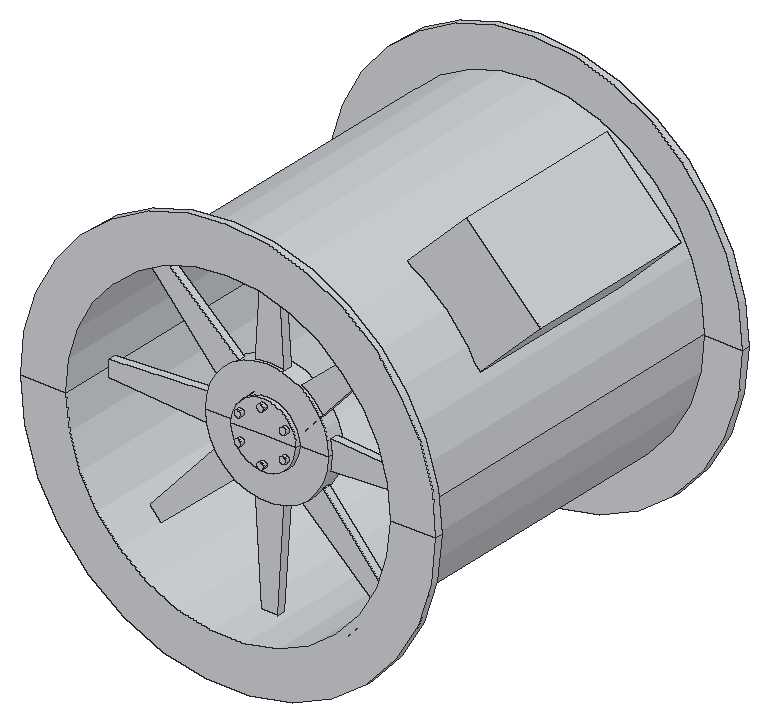
Revit family "CADS_Vent-Axia_MechEquip_Fan_LCA_250_1Ph2P - SUPPLY", category Mechanical Equipment, Revit 2020
Family settings
  Round Connector Dimension = Use Diameter
  Part Type = Normal
  OmniClass Number = 23.75.00.00
  OmniClass Title = Climate Control (HVAC)
  Work Plane-Based = No
  Always vertical = Yes
  Cut with Voids When Loaded = No
  Shared = No
  Room Calculation Point = No
Parameters (values of type "LCA251230")
  nr = NominalDiameter / 2  # 125 mm
  WorkingPressure = 0.0 Pa
  WarrantyStartDate [instance] = "1900-12-31T23:59:59"
  WarrantyPeriod = ""
  WarrantyIdentifier = "N/A"
  WarrantyGuarantorParts = "tech@vent-axia.com"
  WarrantyGuarantorLabor = "tech@vent-axia.com"
  WarrantyGuarantor = "Vent-Axia Limited"
  WarrantyEndDate [instance] = "1900-12-31T23:59:59"
  WarrantyContent = ""
  TemperatureRange = ""
  TagNumber [instance] = "N/A"
  SustainabilityPerformance = ""
  Status = "New"
  Size = ""
  Shape = ""
  ServiceLifeType = ""
  ServiceLifeDuration = ""
  SerialNumber [instance] = "N/A"
  ReplacementCost = ""
  RatedVoltage = 0 V
  RatedCurrent = 0 A
  Quantity = 1
  ProductionYear = ""
  PressureCurve = ""
  PowerFactor = ""
  PointOfContact = ""
  NumberOfPoles = 0
  NominalWidth = 250 mm
  NominalLength = 300 mm
  NominalHeight = 250 mm
  NominalFrequencyRange = ""
  NominalDiameter = 250 mm
  ModelReference = "LCAX 250mm 1PH 2P 30DEG"
  ModelNumber = "LCA251230"
  Material = ""
  ManufacturerE-Mail = "tech@vent-axia.com"
  ManufacturerAddress = "Fleming Way\nCrawley \nRH10 9YX"
  IsExtendedWarranty = no
  InsulationStandardClass = ""
  InstallationDate [instance] = "1900-12-31T23:59:59"
  IfcExportType [instance] = ""
  IfcExportAs = "IfcFanType"
  IP_Code = ""
  HasProtectiveEarth = no
  GrossWeight = 0.00 kg
  Grade = ""
  GlobalTradeItemNumber [instance] = "N/A"
  Fitting Type = "Ignore"
  Finish = ""
  Features = ""
  ExteriorInsulation = no
  ExpectedServiceLife = 0
  Exclusions = ""
  DurationUnit = "Year"
  Default Elevation = 0 mm
  Constituents = ""
  ConductorFunction = ""
  Color = ""
  CodePerformance = ""
  Category = ""
  CADS_Usage = 0
  CADS_Index = 0
  AssetType = "FIXED"
  AssetIdentifier [instance] = "N/A"
  AssemblyPlace = "UNKNOWN"
  ArticleNumber [instance] = "N/A"
  AirflowRateRange = 0.0 L/s
  Air Flow [instance] = 0.0 L/s
  AccessibilityPerformance = ""
Types (3, lengths in mm): name | ModelReference | ModelNumber
  LCA251230 | "LCAX 250mm 1PH 2P 30DEG" | "LCA251230"
  LCA251235 | "LCAX 250mm 1PH 2P 35DEG" | "LCA251235"
  LCA251240 | "LCAX 250mm 1PH 2P 40DEG" | "LCA251240"
Reference planes
  plane 1 "Center (Front/Back)": y = 0
  plane 2: z = 0
  plane 3 "Center (Left/Right)": x = 0
  plane 4: x = -125
  plane 5: x = 125
  plane 6 "F": y = -150
  plane 7 "B": y = 150
  plane 8: x = -160
  plane 9: y = 145
  plane 10: y = -145
  plane 11: x = -130
  plane 12: y = -110
  plane 13 "top": z = 125
  plane 14: z = -125
  plane 15 "45deg": through (0, -1524, 0) normal (-0.7071, 0, -0.7071)
  plane 16 "C": through (0, -1524, 0) normal (-0.7071, 0, 0.7071)
Forms (mm)
  Revolve 1, solid
    sketch origin (0, 0, 0) x (1, 0, 0) y (0, 1, 0)
      loop
        line (-160, -150) -> (-125, -150) -> (-125, 150) -> (-160, 150) -> (-160, 145) -> (-130, 145) -> (-130, -145) -> (-160, -145) -> (-160, -150)
      axis (0, 150) -> (0, -150)
    angle from 0 to 360
  Sweep 2, solid
    path origin (0, 0, 0) x (1, 0, 0) y (0, 0, 1)
      loop
        line (88.388, 88.388) -> (134.35, 134.35)
    profile origin (111.369, 0, 111.369) x (-0.707107, 0, 0.707107) y (0, -1, 0)
      loop
        line (37.5, 55) -> (-42.73, 55) -> (-42.73, -79.5) -> (37.5, -79.5) -> (37.5, 55)
Dimensions and locks
  equal spacing: plane 4, plane 3 "Center (Left/Right)", plane 5
  equal spacing: plane 7 "B", plane 1 "Center (Front/Back)", plane 6 "F"
  "NominalLength": plane 7 "B" to plane 6 "F"
  "NominalDiameter": plane 4 to plane 5
  locked: plane 11 to plane 4 at 5
  locked: plane 8 to plane 11 at 30
  locked: plane 6 "F" to plane 10 at 5
  locked: plane 7 "B" to plane 9 at 5
  locked: plane 6 "F" to plane 12 at 40
  equal spacing: plane 13 "top", level, plane 14
  "NominalDiameter": plane 13 "top" to plane 14
  "nr": Sweep 2 sketch curve to nested 13
  Sweep 2 sketch curve to Sweep 2 sketch curve = 65 mm
  aligned and locked: level to plane 2
  aligned and locked: nested 1 to plane 12
Automatic sketch dimensions
  plane 6 "F" to Revolve 1 sketch curve = 0 mm
  Revolve 1 sketch curve to plane 8 = 0 mm  (x2)
  plane 10 to Revolve 1 sketch curve = 0 mm
  Revolve 1 sketch curve to plane 11 = 0 mm
  Revolve 1 sketch curve to plane 4 = 0 mm
  Revolve 1 sketch curve to plane 3 "Center (Left/Right)" = 0 mm
  plane 1 "Center (Front/Back)" to Revolve 1 sketch curve = 0 mm
  Revolve 1 sketch curve to plane 9 = 0 mm
  Revolve 1 sketch curve to plane 7 "B" = 0 mm
  plane 6 "F" to Revolve 1 sketch curve = 115 mm
  plane 1 "Center (Front/Back)" to Sweep 2 sketch curve = 55 mm
  Sweep 2 sketch curve to profile plane = 37.5 mm
  Sweep 2 sketch curve to Sweep 2 sketch curve = 80.23 mm
  Sweep 2 sketch curve to Sweep 2 sketch curve = 134.5 mm
  Sweep 2 sketch curve to plane 16 "C" = 0 mm  (x2)
Nested families
  nested 1: "Fan for ESC" at (0, -110, 0), ND <- "NominalDiameter", type "Fan for ESC"
    with hub 25 mm, ND 250 mm, BoltPCD 20 mm, Bolt Count 6, B_Diam 5 mm
  nested 2: "Bolts" at (17.321, -119.172, -10) x (-0.5, 0, -0.866) z (0, 1, 0), type "Bolts"
    with bd 5 mm
  nested 3: "Bolts" at (0, -119.172, -20) x (-1, 0, 0) z (0, 1, 0), type "Bolts"
    with bd 5 mm
  nested 4: "Bolts" at (-17.321, -119.172, -10) x (-0.5, 0, 0.866) z (0, 1, 0), type "Bolts"
    with bd 5 mm
  nested 5: "Bolts" at (-17.321, -119.172, 10) x (0.5, 0, 0.866) z (0, 1, 0), type "Bolts"
    with bd 5 mm
  nested 6: "Bolts" at (17.321, -119.172, 10) x (0.5, 0, -0.866) z (0, 1, 0), type "Bolts"
    with bd 5 mm
  nested 7: "Bolts" at (0, -119.172, 20) x (1, 0, 0) z (0, 1, 0), type "Bolts"
    with bd 5 mm
  nested 8: "ESC Blade" at (0, -110, 0), type "ESC Blade"
    with a 20.00°, HR 25 mm, HD 50 mm, BT 12.5 mm, BR 100 mm, BH 40 mm, BD 250 mm, BB 25 mm
  nested 9: "ESC Blade" at (0, -110, 0) x (0.7071, 0, -0.7071) z (0.7071, 0, 0.7071), type "ESC Blade"
    with a 20.00°, HR 25 mm, HD 50 mm, BT 12.5 mm, BR 100 mm, BH 40 mm, BD 250 mm, BB 25 mm
  nested 10: "ESC Blade" at (0, -110, 0) x (0, 0, -1) z (1, 0, 0), type "ESC Blade"
    with a 20.00°, HR 25 mm, HD 50 mm, BT 12.5 mm, BR 100 mm, BH 40 mm, BD 250 mm, BB 25 mm
  nested 11: "ESC Blade" at (0, -110, 0) x (-0.7071, 0, -0.7071) z (0.7071, 0, -0.7071), type "ESC Blade"
    with a 20.00°, HR 25 mm, HD 50 mm, BT 12.5 mm, BR 100 mm, BH 40 mm, BD 250 mm, BB 25 mm
  nested 12: "ESC Blade" at (0, -110, 0) x (-1, 0, 0) z (0, 0, -1), type "ESC Blade"
    with a 20.00°, HR 25 mm, HD 50 mm, BT 12.5 mm, BR 100 mm, BH 40 mm, BD 250 mm, BB 25 mm
  nested 13: "ESC Blade" at (0, -110, 0) x (-0.7071, 0, -0.7071) z (-0.7071, 0, 0.7071), type "ESC Blade"
    with a 20.00°, HR 25 mm, HD 50 mm, BT 12.5 mm, BR 100 mm, BH 40 mm, BD 250 mm, BB 25 mm
  nested 14: "ESC Blade" at (0, -110, 0) x (0, 0, -1) z (-1, 0, 0), type "ESC Blade"
    with a 20.00°, HR 25 mm, HD 50 mm, BT 12.5 mm, BR 100 mm, BH 40 mm, BD 250 mm, BB 25 mm
  nested 15: "ESC Blade" at (0, -110, 0) x (0.7071, 0, -0.7071) z (-0.7071, 0, -0.7071), type "ESC Blade"
    with a 20.00°, HR 25 mm, HD 50 mm, BT 12.5 mm, BR 100 mm, BH 40 mm, BD 250 mm, BB 25 mm
Connectors
  hvac at (0, -150, 0), driven by "NominalDiameter", driven by "Air Flow"
    settings: on Revolve 1, index 1, duct flow 0.0 L/s, flow factor 0, pres drop 0.0 Pa, loss coef 0, conn angle 0.00°, conn width 304.8 mm, conn height 304.8 mm, conn diameter 250 mm, duct sys type 1, conn prof type 0, flow config 1, flow direction 1, loss method 0, conn ref index -1, conn util no, is conn primary yes, conn desc ""
  hvac at (0, 150, 0), driven by "NominalDiameter", driven by "Air Flow"
    settings: on Revolve 1, index 2, duct flow 0.0 L/s, flow factor 0, pres drop 0.0 Pa, loss coef 0, conn angle 0.00°, conn width 304.8 mm, conn height 304.8 mm, conn diameter 250 mm, duct sys type 1, conn prof type 0, flow config 0, flow direction 2, loss method 0, conn ref index -1, conn util no, is conn primary no, conn desc ""
Definition of nested family "Fan for ESC"
  Parameters (values of type "Fan for ESC")
    hub [instance] = ND / 10  # 56.7 mm
    ND [instance] = 567 mm
    Model = "."
    Default Elevation = 0 mm
    BoltPCD [instance] = hub - (hub * 0.2)  # 45.36 mm
    Bolt Count [instance] = if(hub < 50 mm, 6, 8)  # 8
    B_Diam [instance] = if(hub < 50 mm, 5 mm, 10 mm)  # 10 mm
  Reference planes
    plane 1 "Center (Front/Back)": y = 0
    plane 2: z = 0
    plane 3 "Center (Left/Right)": x = 0
    plane 4 "back": y = 20
    plane 5 "bolts": y = -9.172
    plane 6 "B": z = 56.7
    plane 7: x = -79.287
    plane 8: x = -56.7
    plane 9 "hubface": y = -6.172
  Forms (mm)
    Revolve 1, solid
      sketch origin (0, 0, 0) x (1, 0, 0) y (0, 1, 0)
        loop
          line (0, 20) -> (-56.7, 20) -> (-56.7, 10.504) -> (-79.287, 10.504) -> (-79.287, -2.597) -> (-56.7, -2.597) -> (-56.7, -6.172) -> (0, -6.172) -> (0, 20)
        axis (0, 20) -> (0, -6.172)
      angle from 0 to 360
    Extrusion 2, solid, not visible
      sketch origin (0, -6.347, -4) x (-1, 0, 0) y (0, 0, 1)
        loop
          circle (0, 84) r 5
      from 0 to 3
  Lines and regions (mm)
    symbolic lines
      curve 1: circle (0, -9.172, 0) r 45.36 normal (0, 1, 0)
    model lines, not visible
      curve 2: line (0, -6.347, 85) -> (0, -6.347, 75)
  Dimensions and locks
    "hub": plane 6 "B" to plane 2
    "hub": nested 3 to plane 3 "Center (Left/Right)"
    "hub": nested 4 to plane 3 "Center (Left/Right)"
    "hub": nested 5 to plane 3 "Center (Left/Right)"
    "hub": plane 3 "Center (Left/Right)" to nested 6
    "hub": Revolve 1 sketch curve to Revolve 1 sketch curve
    "hub": plane 3 "Center (Left/Right)" to nested 7
    "hub": plane 3 "Center (Left/Right)" to nested 8
    "hub": plane 3 "Center (Left/Right)" to nested 9
    "hub": plane 8 to plane 3 "Center (Left/Right)"
    plane 7 to plane 8 = 22.587 mm
    diameter of Extrusion 2 sketch curve = 10 mm
    "BoltPCD": radius of curve 1
    "BoltPCD": radius of radial array
    aligned and locked: level to plane 2
    aligned and locked: plane 6 "B" to nested 1
  Automatic sketch dimensions
    Revolve 1 sketch curve to plane 7 = 0 mm
    Revolve 1 sketch curve to plane 8 = 0 mm  (x2)
    Revolve 1 sketch curve to plane 3 "Center (Left/Right)" = 0 mm
    Revolve 1 sketch curve to plane 9 "hubface" = 0 mm
    plane 4 "back" to Revolve 1 sketch curve = 0 mm
    plane 1 "Center (Front/Back)" to Revolve 1 sketch curve = 2.597 mm
    plane 4 "back" to Revolve 1 sketch curve = 9.496 mm
    Revolve 1 sketch curve to Revolve 1 sketch curve = 5 mm
    Revolve 1 sketch curve to plane 4 "back" = 45 mm
    curve 1 to level = 0 mm
    curve 1 to plane 3 "Center (Left/Right)" = 0 mm
  Nested families
    nested 1: "ESC Blade" at (0, 0, 0), BD <- "ND", HD <- "hub", type "ESC Blade"
      with a 20.00°, HR 56.7 mm, HD 113.4 mm, BT 28.35 mm, BR 226.8 mm, BH 40 mm, BD 567 mm, BB 56.7 mm
    nested 2: "ESC Blade" at (0, 0, 755), BD <- "ND", HD <- "hub", type "ESC Blade", not visible
      with a 20.00°, HR 56.7 mm, HD 113.4 mm, BT 28.35 mm, BR 226.8 mm, BH 40 mm, BD 567 mm, BB 56.7 mm
    nested 3: "ESC Blade" at (0, 0, 0) x (0.7071, 0, -0.7071) z (0.7071, 0, 0.7071), BD <- "ND", HD <- "hub", type "ESC Blade"
      with a 20.00°, HR 56.7 mm, HD 113.4 mm, BT 28.35 mm, BR 226.8 mm, BH 40 mm, BD 567 mm, BB 56.7 mm
    nested 4: "ESC Blade" at (0, 0, 0) x (0, 0, -1) z (1, 0, 0), BD <- "ND", HD <- "hub", type "ESC Blade"
      with a 20.00°, HR 56.7 mm, HD 113.4 mm, BT 28.35 mm, BR 226.8 mm, BH 40 mm, BD 567 mm, BB 56.7 mm
    nested 5: "ESC Blade" at (0, 0, 0) x (-0.7071, 0, -0.7071) z (0.7071, 0, -0.7071), BD <- "ND", HD <- "hub", type "ESC Blade"
      with a 20.00°, HR 56.7 mm, HD 113.4 mm, BT 28.35 mm, BR 226.8 mm, BH 40 mm, BD 567 mm, BB 56.7 mm
    nested 6: "ESC Blade" at (0, 0, 0) x (-1, 0, 0) z (0, 0, -1), BD <- "ND", HD <- "hub", type "ESC Blade"
      with a 20.00°, HR 56.7 mm, HD 113.4 mm, BT 28.35 mm, BR 226.8 mm, BH 40 mm, BD 567 mm, BB 56.7 mm
    nested 7: "ESC Blade" at (0, 0, 0) x (-0.7071, 0, -0.7071) z (-0.7071, 0, 0.7071), BD <- "ND", HD <- "hub", type "ESC Blade"
      with a 20.00°, HR 56.7 mm, HD 113.4 mm, BT 28.35 mm, BR 226.8 mm, BH 40 mm, BD 567 mm, BB 56.7 mm
    nested 8: "ESC Blade" at (0, 0, 0) x (0, 0, -1) z (-1, 0, 0), BD <- "ND", HD <- "hub", type "ESC Blade"
      with a 20.00°, HR 56.7 mm, HD 113.4 mm, BT 28.35 mm, BR 226.8 mm, BH 40 mm, BD 567 mm, BB 56.7 mm
    nested 9: "ESC Blade" at (0, 0, 0) x (0.7071, 0, -0.7071) z (-0.7071, 0, -0.7071), BD <- "ND", HD <- "hub", type "ESC Blade"
      with a 20.00°, HR 56.7 mm, HD 113.4 mm, BT 28.35 mm, BR 226.8 mm, BH 40 mm, BD 567 mm, BB 56.7 mm
    nested 10: "Bolts" at (0, -9.172, 45.36) x (1, 0, 0) z (0, 1, 0), bd <- "B_Diam", type "Bolts"
      with bd 10 mm
    nested 11: "Bolts" at (32.074, -9.172, 32.074) x (0.7071, 0, -0.7071) z (0, 1, 0), bd <- "B_Diam", type "Bolts"
      with bd 10 mm
    nested 12: "Bolts" at (-32.074, -9.172, 32.074) x (0.7071, 0, 0.7071) z (0, 1, 0), bd <- "B_Diam", type "Bolts"
      with bd 10 mm
    nested 13: "Bolts" at (-45.36, -9.172, 0) x (0, 0, 1) z (0, 1, 0), bd <- "B_Diam", type "Bolts"
      with bd 10 mm
    nested 14: "Bolts" at (-32.074, -9.172, -32.074) x (-0.7071, 0, 0.7071) z (0, 1, 0), bd <- "B_Diam", type "Bolts"
      with bd 10 mm
    nested 15: "Bolts" at (0, -9.172, -45.36) x (-1, 0, 0) z (0, 1, 0), bd <- "B_Diam", type "Bolts"
      with bd 10 mm
    nested 16: "Bolts" at (32.074, -9.172, -32.074) x (-0.7071, 0, -0.7071) z (0, 1, 0), bd <- "B_Diam", type "Bolts"
      with bd 10 mm
    nested 17: "Bolts" at (45.36, -9.172, 0) x (0, 0, -1) z (0, 1, 0), bd <- "B_Diam", type "Bolts"
      with bd 10 mm
  Definition of nested family "ESC Blade"
    Parameters (values of type "ESC Blade")
      a [instance] = 20.00°
      HR [instance] = HD / 2  # 30 mm
      HD [instance] = BD / 5  # 60 mm
      Default Elevation = 1219.2 mm
      BT [instance] = BD / 20  # 15 mm
      BR [instance] = (BD / 2) - HR  # 120 mm
      BH [instance] = 40 mm
      BD [instance] = 300 mm
      BB [instance] = BD / 10  # 30 mm
    Reference planes
      plane 1 "Center (Front/Back)": y = 0
      plane 2: z = 0
      plane 3 "Center (Left/Right)": x = 0
      plane 4 "Blade Bot": z = 30
      plane 5: x = -15
      plane 6: x = 15
      plane 7: x = -7.5
      plane 8: x = 7.5
    Forms (mm)
      Blend 1, solid
        base sketch origin (0, 0, 30) x (-1, 0, 0) y (0, -1, 0)
          loop
            line (15, 0) -> (-15, 0) -> (-15, -6) -> (15, -6) -> (15, 0)
        top sketch origin (0, 0, 30) x (-1, 0, 0) y (0, -1, 0)
          loop
            line (7.5, -6) -> (7.5, 0) -> (-7.5, 0) -> (-7.5, -6) -> (7.5, -6)
        from 0 to 120 <- "BR"
    Dimensions and locks
      "HR": plane 4 "Blade Bot" to level
      equal spacing: plane 8, plane 3 "Center (Left/Right)", plane 7
      "BT": plane 8 to plane 7
      equal spacing: plane 6, plane 3 "Center (Left/Right)", plane 5
      "BB": plane 6 to plane 5
      aligned and locked: level to plane 2
    Automatic sketch dimensions
      plane 1 "Center (Front/Back)" to Blend 1 sketch curve = 0 mm  (x2)
      Blend 1 sketch curve to plane 6 = 0 mm
      Blend 1 sketch curve to plane 5 = 0 mm
      Blend 1 sketch curve to plane 1 "Center (Front/Back)" = 6 mm  (x2)
      Blend 1 sketch curve to plane 8 = 0 mm
      Blend 1 sketch curve to plane 7 = 0 mm
  Definition of nested family "Bolts"
    Parameters
      bd [instance] = 10 mm
      Default Elevation = 1219.2 mm
    Reference planes
      plane 1 "Center (Front/Back)": y = 0
      plane 2: z = 0
      plane 3 "Center (Left/Right)": x = 0
    Forms (mm)
      Extrusion 1, solid
        sketch origin (0, 0, 0) x (1, 0, 0) y (0, 1, 0)
          loop
            line (-1219.2, 1219.2) -> (-1219.2, -1219.2) -> (1219.2, -1219.2) -> (1219.2, 1219.2) -> (-1219.2, 1219.2)
        from 0 to -304.8
      Extrusion 2, solid
        sketch origin (0, 0, 0) x (1, 0, 0) y (0, 1, 0)
          loop
            circle (0, 0) r 5
        from 0 to 3
    Dimensions and locks
      "bd": diameter of Extrusion 2 sketch curve
      aligned and locked: plane 2 to Extrusion 1
      aligned and locked: level to Extrusion 1
    Automatic sketch dimensions
      Extrusion 1 sketch curve to Extrusion 1 sketch curve = 2438.4 mm  (x2)
      plane 1 "Center (Front/Back)" to Extrusion 2 sketch curve = 0 mm
      Extrusion 2 sketch curve to plane 3 "Center (Left/Right)" = 0 mm
Definition of nested family "Bolts"
  Parameters
    bd [instance] = 10 mm
    Default Elevation = 1219.2 mm
  Reference planes
    plane 1 "Center (Front/Back)": y = 0
    plane 2: z = 0
    plane 3 "Center (Left/Right)": x = 0
  Forms (mm)
    Extrusion 1, solid
      sketch origin (0, 0, 0) x (1, 0, 0) y (0, 1, 0)
        loop
          line (-1219.2, 1219.2) -> (-1219.2, -1219.2) -> (1219.2, -1219.2) -> (1219.2, 1219.2) -> (-1219.2, 1219.2)
      from 0 to -304.8
    Extrusion 2, solid
      sketch origin (0, 0, 0) x (1, 0, 0) y (0, 1, 0)
        loop
          circle (0, 0) r 5
      from 0 to 3
  Dimensions and locks
    "bd": diameter of Extrusion 2 sketch curve
    aligned and locked: plane 2 to Extrusion 1
    aligned and locked: level to Extrusion 1
  Automatic sketch dimensions
    Extrusion 1 sketch curve to Extrusion 1 sketch curve = 2438.4 mm  (x2)
    plane 1 "Center (Front/Back)" to Extrusion 2 sketch curve = 0 mm
    Extrusion 2 sketch curve to plane 3 "Center (Left/Right)" = 0 mm
Definition of nested family "ESC Blade"
  Parameters (values of type "ESC Blade")
    a [instance] = 20.00°
    HR [instance] = HD / 2  # 30 mm
    HD [instance] = BD / 5  # 60 mm
    Default Elevation = 1219.2 mm
    BT [instance] = BD / 20  # 15 mm
    BR [instance] = (BD / 2) - HR  # 120 mm
    BH [instance] = 40 mm
    BD [instance] = 300 mm
    BB [instance] = BD / 10  # 30 mm
  Reference planes
    plane 1 "Center (Front/Back)": y = 0
    plane 2: z = 0
    plane 3 "Center (Left/Right)": x = 0
    plane 4 "Blade Bot": z = 30
    plane 5: x = -15
    plane 6: x = 15
    plane 7: x = -7.5
    plane 8: x = 7.5
  Forms (mm)
    Blend 1, solid
      base sketch origin (0, 0, 30) x (-1, 0, 0) y (0, -1, 0)
        loop
          line (15, 0) -> (-15, 0) -> (-15, -6) -> (15, -6) -> (15, 0)
      top sketch origin (0, 0, 30) x (-1, 0, 0) y (0, -1, 0)
        loop
          line (7.5, -6) -> (7.5, 0) -> (-7.5, 0) -> (-7.5, -6) -> (7.5, -6)
      from 0 to 120 <- "BR"
  Dimensions and locks
    "HR": plane 4 "Blade Bot" to level
    equal spacing: plane 8, plane 3 "Center (Left/Right)", plane 7
    "BT": plane 8 to plane 7
    equal spacing: plane 6, plane 3 "Center (Left/Right)", plane 5
    "BB": plane 6 to plane 5
    aligned and locked: level to plane 2
  Automatic sketch dimensions
    plane 1 "Center (Front/Back)" to Blend 1 sketch curve = 0 mm  (x2)
    Blend 1 sketch curve to plane 6 = 0 mm
    Blend 1 sketch curve to plane 5 = 0 mm
    Blend 1 sketch curve to plane 1 "Center (Front/Back)" = 6 mm  (x2)
    Blend 1 sketch curve to plane 8 = 0 mm
    Blend 1 sketch curve to plane 7 = 0 mm
